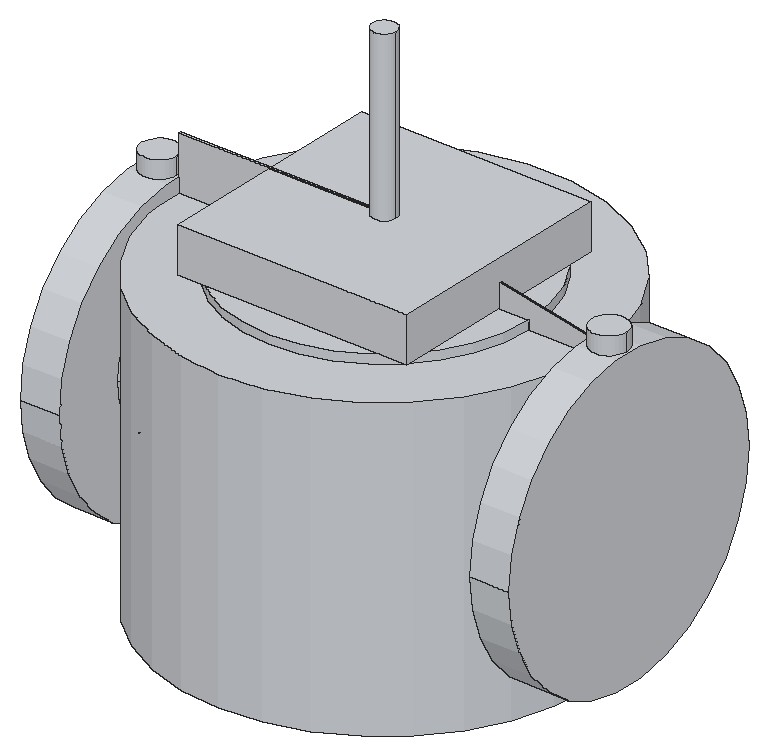
Revit family "OC-FLANGE_HF_DN300_PN16_RFA_2019", category Pipe Accessories, Revit 2019
Family settings
  Round Connector Dimension = Use Diameter
  Part Type = Valve - Breaks Into
  Work Plane-Based = No
  Always vertical = Yes
  Cut with Voids When Loaded = No
  Shared = No
Parameters (values of type "Optima Compact Flange PN16 DN300 HF")
  magiProductId = "0fa3775e1d00444fb1aee59b74ee1a"
  magiProductFamilyId = "7f77c72f297a4b4b9e69a2c3ebd769"
  magiPartTypeId = 304
  isMeasuringValve [instance] = no
  ang2D [instance] = 0.00°
  W2D = 50 mm
  VersionID = "2.0/2018.12.13.2/FRESE_OPT_COMP_BIG_Q13_001"
  Use Minimum Symbol Size [instance] = no
  URL = "www.hydronic.cz"
  Type Comments = "Přírubový; PN16; 0~110°C, s měřením"
  R4 = 251.65 mm
  R3 = 135.2 mm
  R1 = 359.5 mm
  QmdConnectorList = "301;D;302;D"
  Productdata [instance] = ""
  Manufacturer = "Hydronic Systems Prague s.r.o."
  MC Use Limits From Balancing Method = no
  MC Throttling Minimum Value = 0
  MC Throttling Maximum Value = 0
  MC Product Code = "53-1218 (DN300 HF; 48mm; pohon min 2500N; Qmin-dpmin 245000l/h-15.0kPa; Qmax-dpmin 600000l/h-70.0kPa; dpmax 800kPa)"
  MC Pressure Drop Minimum Value = 0.0 Pa
  MC Pressure Drop Maximum Value = 0.0 Pa
  MC Piping Given Pressure Drop [instance] = 0.0 Pa
  LF__ve = -LF  # -68 mm
  LF2 = 34 mm
  LF = 68 mm
  L4 = 399.5 mm
  L3 = 714 mm
  L2D_Min = 30.48 mm
  L2D = 230 mm
  L2 = 425 mm
  H6 = 290 mm
  H4 = 78 mm
  H3 = 15 mm
  H2 = 286 mm
  H1 = 520 mm
  H = 1132 mm
  Description = "Tlakově nezávislý 2-cestný regulační vyvažovací ventil (PICV)"
  DF2 = 260 mm
  DD = yes
  D = 300 mm
  CAT0 = yes
  AL2 = 156 mm
  ACT3W = 167 mm
  ACT3L = 92.5 mm
  ACT2L = 230 mm
  ACT2H = 311 mm
  A3WP = 112 mm
Types (2, lengths in mm): name | magiProductId | R4 | R3 | R1 | MC Product Code | LF__ve | LF2 | LF | L4 | L3 | L2 | H6 | H4 | H2 | H1 | H | DF2 | D
  Optima Compact Flange PN16 DN250 HF | "04bfedd5843a4fb2a3a3e76bce0a04" | 192.15 | 115.44 | 274.5 | "53-1217 (DN250 HF; 48mm; pohon min 2500N; Qmin-dpmin 245000l/h-15.0kPa; Qmax-dpmin 600000l/h-70.0kPa; dpmax 800kPa)" | -58.4 | 29.2 | 58.4 | 343.1 | 613.2 | 365 | 339.4 | 66.6 | 244.2 | 444 | 1094 | 222 | 250
  Optima Compact Flange PN16 DN300 HF | "0fa3775e1d00444fb1aee59b74ee1a" | 251.65 | 135.2 | 359.5 | "53-1218 (DN300 HF; 48mm; pohon min 2500N; Qmin-dpmin 245000l/h-15.0kPa; Qmax-dpmin 600000l/h-70.0kPa; dpmax 800kPa)" | -68 | 34 | 68 | 399.5 | 714 | 425 | 290 | 78 | 286 | 520 | 1132 | 260 | 300
Reference planes
  plane 1 "Center (Front/Back)": y = 0
  plane 2 "XYPLANE": z = 0
  plane 3 "Center (Left/Right)": x = 0
  plane 4 "362": y = 45
  plane 5 "361": y = 55
  plane 6 "360": y = -102
  plane 7 "359": y = -112
  plane 8 "358": z = 852
  plane 9 "357": x = -87.5
  plane 10 "356": x = 87.5
  plane 11 "355": x = -92.5
  plane 12 "354": x = 92.5
  plane 13 "353": x = 35
  plane 14 "352": x = -35
  plane 15 "351": z = 627
  plane 16 "350": z = 812
  plane 17 "347": y = -25
  plane 18 "346": y = 25
  plane 19 "342": z = 328
  plane 20 "341": x = 357
  plane 21 "340": x = -357
  plane 22 "335": x = 106
  plane 23 "334": z = 759
  plane 24 "333": z = 684
  plane 25 "332": z = 689
  plane 26 "331": z = 729
  plane 27 "330": z = 561
  plane 28 "329": z = -260
  plane 29 "328": x = -45
  plane 30 "327": x = 45
  plane 31 "326": x = -49
  plane 32 "325": x = 49
  plane 33 "324": y = -20
  plane 34 "323": y = 20
  plane 35 "322": z = 869
  plane 36 "321": z = 872
  plane 37 "320": z = 581
  plane 38 "319": y = -61
  plane 39 "318": y = 73
  plane 40 "317": x = -74
  plane 41 "316": x = 156
  plane 42 "206": x = 391
  plane 43 "205": x = -391
  plane 44 "204": z = 260
  plane 45 "203": z = 327
  plane 46 "202": z = 249
  plane 47 "201": z = 234
  plane 48 "200": x = -357
  plane 49 "199": z = -286
  plane 50 "198": x = 0
  plane 51 "197": y = 0
  plane 52 "196": z = 0
  plane 53 "195": x = -425
  plane 54 "194": x = 425
  plane 55 "193": z = 617
  plane 56 "192": z = 781
Forms (mm)
  Extrusion 1, solid, visible <- "DD"
    sketch origin (750, 0, 0) x (-1, 0, 0) y (0, 0, 1)
      loop
        line (1107, 328) -> (750, 328) -> (393, 260) -> (393, -260) -> (1107, -260) -> (1107, 328)
    from 0 to 3
  Extrusion 2, solid, visible <- "CAT0"
    sketch origin (-750, 0, 260) x (1, 0, 0) y (0, 1, 0)
      loop
        circle (1141, 0) r 30.3
    from 0 to 30
  Extrusion 3, solid, visible <- "CAT0"
    sketch origin (-750, 0, 260) x (1, 0, 0) y (0, 1, 0)
      loop
        circle (359, 0) r 30.3
    from 0 to 30
  Extrusion 4, solid, visible <- "CAT0"
    sketch origin (-750, 0, 327) x (1, 0, 0) y (0, 1, 0)
      loop
        circle (750, 0) r 20
    from 0 to 290 <- "H6"
  Extrusion 5, solid, visible <- "CAT0"
    sketch origin (-750, 0, 249) x (1, 0, 0) y (0, 1, 0)
      loop
        line (949.75, 199.75) -> (550.25, 199.75) -> (550.25, -199.75) -> (949.75, -199.75) -> (949.75, 199.75)
    from 0 to 78 <- "H4"
  Extrusion 6, solid, visible <- "CAT0"
    sketch origin (-750, 0, 234) x (1, 0, 0) y (0, 1, 0)
      loop
        circle (750, 0) r 251.65
    from 0 to 15 <- "H3"
  Extrusion 7, solid, visible <- "CAT0"
    sketch origin (-357, -750, 0) x (0, 1, 0) y (0, 0, 1)
      loop
        circle (750, 0) r 135.2
    from 0 to 714 <- "L3"
  Extrusion 8, solid, visible <- "CAT0"
    sketch origin (-750, 0, -286) x (1, 0, 0) y (0, 1, 0)
      loop
        circle (750, 0) r 359.5
    from 0 to 520 <- "H1"
  Extrusion 9, solid, visible <- "CAT0"
    sketch origin (-425, -750, 0) x (0, 1, 0) y (0, 0, 1)
      loop
        circle (750, 0) r 260
    from 0 to 68 <- "LF"
  Extrusion 10, solid, visible <- "CAT0"
    sketch origin (425, -750, 0) x (0, 1, 0) y (0, 0, 1)
      loop
        circle (750, 0) r 260
    from 0 to -68 <- "LF__ve"
  Extrusion 11, solid, not visible
    sketch origin (-425, -750, 0) x (0, 1, 0) y (0, 0, 1)
      loop
        circle (750, 0) r 10
    from 0 to 10
  Extrusion 12, solid, not visible
    sketch origin (425, -750, 0) x (0, 1, 0) y (0, 0, 1)
      loop
        circle (750, 0) r 10
    from 0 to -10
Lines and regions (mm)
  reference lines, not visible
    curve 1: circle (2, 2, 0) r 1 normal (0, 0, 1)
  reference lines
    curve 2: line (-49, -20, 561) -> (49, -20, 561)
    curve 3: line (49, -20, 561) -> (49, 20, 561)
    curve 4: line (49, 20, 561) -> (-49, 20, 561)
    curve 5: line (-49, 20, 561) -> (-49, -20, 561)
    curve 6: circle (0, 0, 249) r 1 normal (0, 0, 1)
Dimensions and locks
  plane 1 "Center (Front/Back)" to curve 1 = 2 mm
  locked: plane 5 "361" to plane 4 "362" at 10
  "ACT3W": plane 7 "359" to plane 5 "361"
  locked: plane 7 "359" to plane 6 "360" at 10
  "A3WP": plane 51 "197" to plane 7 "359"
  locked: plane 36 "321" to plane 8 "358" at 20
  locked: plane 11 "355" to plane 9 "357" at 5
  locked: plane 12 "354" to plane 10 "356" at 5
  "ACT3L": plane 50 "198" to plane 11 "355"
  "ACT3L": plane 50 "198" to plane 12 "354"
  locked: plane 30 "327" to plane 13 "353" at 10
  locked: plane 29 "328" to plane 14 "352" at 10
  locked: plane 36 "321" to plane 15 "351" at 245
  locked: plane 36 "321" to plane 16 "350" at 60
  locked: plane 51 "197" to plane 17 "347" at 25
  locked: plane 51 "197" to plane 18 "346" at 25
  "LF": plane 44 "204" to plane 19 "342"
  "LF": plane 54 "194" to plane 20 "341"
  "LF": plane 53 "195" to plane 21 "340"
  locked: plane 41 "316" to plane 22 "335" at 50
  locked: plane 26 "331" to plane 23 "334" at 30
  locked: plane 35 "322" to plane 24 "333" at 185
  locked: plane 35 "322" to plane 25 "332" at 180
  locked: plane 35 "322" to plane 26 "331" at 140
  "ACT2H": plane 36 "321" to plane 27 "330"
  "DF2": plane 52 "196" to plane 28 "329"
  locked: plane 30 "327" to plane 29 "328" at 90
  locked: plane 50 "198" to plane 30 "327" at 45
  locked: plane 50 "198" to plane 31 "326" at 49
  locked: plane 50 "198" to plane 32 "325" at 49
  locked: plane 34 "323" to plane 33 "324" at 40
  locked: plane 51 "197" to plane 34 "323" at 20
  locked: plane 36 "321" to plane 35 "322" at 3
  "H": plane 28 "329" to plane 36 "321"
  locked: plane 27 "330" to plane 37 "320" at 20
  locked: plane 51 "197" to plane 38 "319" at 61
  locked: plane 51 "197" to plane 39 "318" at 73
  "ACT2L": plane 41 "316" to plane 40 "317"
  "AL2": plane 50 "198" to plane 41 "316"
  "LF2": plane 54 "194" to plane 42 "206"
  "LF2": plane 53 "195" to plane 43 "205"
  "DF2": plane 2 "XYPLANE" to plane 44 "204"
  "H4": plane 46 "202" to plane 45 "203"
  "H3": plane 47 "201" to plane 46 "202"
  "H1": plane 49 "199" to plane 47 "201"
  "LF": plane 53 "195" to plane 48 "200"
  "H2": plane 2 "XYPLANE" to plane 49 "199"
  locked: plane 3 "Center (Left/Right)" to plane 50 "198"
  locked: plane 1 "Center (Front/Back)" to plane 51 "197"
  locked: plane 2 "XYPLANE" to plane 52 "196"
  "L2": plane 3 "Center (Left/Right)" to plane 53 "195"
  "L2": plane 3 "Center (Left/Right)" to plane 54 "194"
  "H6": plane 45 "203" to plane 55 "193"
  locked: plane 55 "193" to plane 56 "192" at 164
  Extrusion 1 sketch curve to Extrusion 1 sketch curve = 0 mm  (x10)
  equal spacing: Extrusion 5 sketch curve, curve 6, Extrusion 5 sketch curve  (x2)
  "L4": Extrusion 5 sketch curve to Extrusion 5 sketch curve  (x2)
  Extrusion 5 sketch curve to Extrusion 5 sketch curve = 0 mm  (x8)
  "R4": radius of Extrusion 6 sketch curve
  "R3": radius of Extrusion 7 sketch curve
  "R1": radius of Extrusion 8 sketch curve
  "DF2": radius of Extrusion 9 sketch curve
  "DF2": radius of Extrusion 10 sketch curve
  aligned and locked: level to plane 2 "XYPLANE"
  aligned and locked: plane 21 "340" to Extrusion 1 sketch curve  (x2)
  aligned and locked: plane 19 "342" to Extrusion 1 sketch curve
  aligned and locked: plane 28 "329" to Extrusion 1 sketch curve  (x2)
  aligned and locked: plane 20 "341" to Extrusion 1 sketch curve  (x2)
  aligned and locked: plane 44 "204" to Extrusion 1 sketch curve
  aligned and locked: plane 50 "198" to Extrusion 1 sketch curve
  aligned and locked: Extrusion 1 sketch curve to plane 19 "342"
  aligned and locked: curve 2 to plane 33 "324"
  aligned and locked: plane 31 "326" to curve 2
  aligned and locked: plane 32 "325" to curve 2
  aligned and locked: plane 33 "324" to curve 3
  aligned and locked: plane 34 "323" to curve 3
  aligned and locked: plane 32 "325" to curve 4
  aligned and locked: plane 31 "326" to curve 4
  aligned and locked: plane 34 "323" to curve 5
  aligned and locked: plane 42 "206" to Extrusion 2 sketch curve
  aligned and locked: plane 51 "197" to Extrusion 2 sketch curve
  aligned and locked: plane 43 "205" to Extrusion 3 sketch curve
  aligned and locked: plane 51 "197" to Extrusion 3 sketch curve
  aligned and locked: plane 50 "198" to Extrusion 4 sketch curve
  aligned and locked: plane 51 "197" to Extrusion 4 sketch curve
  aligned and locked: plane 50 "198" to curve 6
  aligned and locked: plane 51 "197" to curve 6
  aligned and locked: plane 50 "198" to Extrusion 6 sketch curve
  aligned and locked: plane 51 "197" to Extrusion 6 sketch curve
  aligned and locked: Extrusion 7 sketch curve to plane 51 "197"
  aligned and locked: plane 52 "196" to Extrusion 7 sketch curve
  aligned and locked: plane 50 "198" to Extrusion 8 sketch curve
  aligned and locked: plane 51 "197" to Extrusion 8 sketch curve
  aligned and locked: Extrusion 9 sketch curve to plane 51 "197"
  aligned and locked: plane 52 "196" to Extrusion 9 sketch curve
  aligned and locked: Extrusion 10 sketch curve to plane 51 "197"
  aligned and locked: plane 52 "196" to Extrusion 10 sketch curve
  aligned and locked: Extrusion 11 sketch curve to plane 51 "197"
  aligned and locked: plane 52 "196" to Extrusion 11 sketch curve
  aligned and locked: Extrusion 12 sketch curve to plane 51 "197"
  aligned and locked: plane 52 "196" to Extrusion 12 sketch curve
Automatic sketch dimensions
  plane 20 "341" to Extrusion 2 sketch curve = 3.7 mm
  plane 53 "195" to Extrusion 3 sketch curve = 3.7 mm
  plane 14 "352" to Extrusion 4 sketch curve = 15 mm
  plane 1 "Center (Front/Back)" to Extrusion 11 sketch curve = 10 mm
  plane 1 "Center (Front/Back)" to Extrusion 12 sketch curve = 10 mm
  plane 3 "Center (Left/Right)" to curve 1 = 2 mm
  Extrusion 5 sketch curve to plane 11 "355" = 107.25 mm
  Extrusion 5 sketch curve to plane 7 "359" = 87.75 mm
  radius of curve 6 = 1 mm
  radius of curve 1 = 1 mm
Connectors
  piping at (-425, 0, 0), diameter 300, driven by "D"
    settings: on Extrusion 11, index 1, connector inside diameter 609.6 mm, connector length 0 mm, flow factor 0, pipe flow 0.0 L/s, pressure drop 0.0 Pa, fitting loss kfactor 0, connector angle 0.00°, fixture units 0, engagement length 0 mm, angle of deflection 0.00°, flow configuration 0, flow direction 0, fitting loss method 0, system type 29, joint type 0, gender type 0, connector reference index 2, connector utility 0, adjustable connector no, is connector primary yes, connector description ""
  piping at (425, 0, 0), diameter 300, driven by "D"
    settings: on Extrusion 12, index 2, connector inside diameter 609.6 mm, connector length 0 mm, flow factor 0, pipe flow 0.0 L/s, pressure drop 0.0 Pa, fitting loss kfactor 0, connector angle 0.00°, fixture units 0, engagement length 0 mm, angle of deflection 0.00°, flow configuration 0, flow direction 0, fitting loss method 0, system type 29, joint type 0, gender type 0, connector reference index 1, connector utility 0, adjustable connector no, is connector primary no, connector description ""
